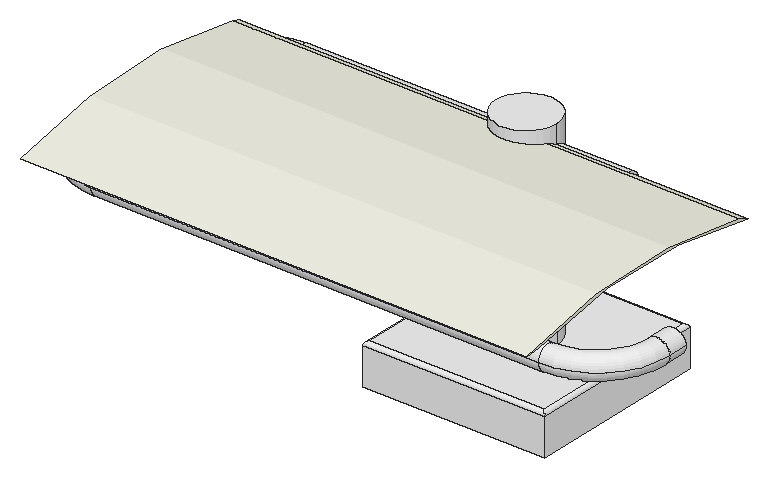
Revit family "Incepa_Acessorios_Neoclassic_Papeleira_B8003I2CR0", category Plumbing Fixtures, host Face, Revit 2014
Parameters (values of type "Papeleira Neoclassic")
  Waste Connection = no
  WFU = 0
  Vent Connection = no
  URL = "http://www.incepa.com.br"
  Type Comments = ""
  Selo de Qualidade ofcdesk = "Standard"
  Model = "B8003I2CR0"
  Metais [instance] = Celite - Cromado
  Manufacturer = "Incepa"
  Keynote = ""
  Incepa: Versão = "Autodesk Revit MEP 2014"
  Incepa: Tipo = "Papeleiras"
  Incepa: Produto = "Metais"
  Incepa: Norma [instance] = "ABNT NBR 10282: 2003"
  Incepa: Linha = "Neoclassic"
  Incepa: Informações Técnicas = "N/A"
  Incepa: Informações Gerais = "N/A"
  Incepa: Fabricante = "Incepa"
  Incepa: Descrição = "Papeleira (B8003I2CR0), linha Neoclassic, Acessórios - Metais Incepa"
  Incepa: Código = "B8003I2CR0"
  Incepa: Cores Disponíveis = "Cromado"
  Incepa: Copyright © = "© 2014 Incepa"
  Incepa: Categoria = "Acessórios"
  Incepa: Altura da Peça [instance] = 0 mm
  HWFU = 0
  HW Connection = no
  Desenvolvido por = "ofcdesk"
  Description = "Papeleira (B8003I2CR0), linha Neoclassic, Acessórios - Metais Incepa"
  Default Elevation = 1400 mm
  Cost = 0
  CWFU = 0
  CW Connection = no
  Assembly Code = "D2010"
  Acessórios [instance] = Polyvinyl Chloride, Rigid
Reference planes
  plane 1 "Center (Front/Back)": y = 0
  plane 2: z = 0
  plane 3 "Center (Left/Right)": x = 0
Forms (mm)
  Sweep 1, solid, material "Celite - Cromado" <- "Metais"
    path origin (0, 0, 0) x (1, 0, 0) y (0, 1, 0)
      loop
        line (22.5, 22.5) -> (-22.5, 22.5) -> (-22.5, -22.5) -> (22.5, -22.5) -> (22.5, 22.5)
    profile origin (0, 22.5, 0) x (0, -1, 0) y (0, 0, 1)
      loop
        line (0, 0) -> (17.5, 0) -> (17.5, 10) -> (1, 10)
        arc (1, 10) -> (0.293, 9.707) -> (0, 9) r 1
        line (0, 9) -> (0, 0)
  Extrusion 2, solid, material "Celite - Cromado" <- "Metais"
    sketch origin (0, 0, 0) x (1, 0, 0) y (0, 1, 0)
      loop
        line (5, 5) -> (-5, 5) -> (-5, -5) -> (5, -5) -> (5, 5)
    from 0 to 10
  Extrusion 3, solid, material "Celite - Cromado" <- "Metais"
    sketch origin (0, 0, 0) x (1, 0, 0) y (0, 1, 0)
      loop
        circle (0, 0) r 7.5
    from 10 to 59
  Sweep 4, solid, material "Celite - Cromado" <- "Metais"
    path origin (0, 0, 0) x (1, 0, 0) y (0, 1, 0)
      loop
        line (25.5, 0) -> (-55.5, 0)
        arc (-55.5, 0) -> (-66.107, -4.393) -> (-70.5, -15) r 15
        line (-70.5, -15) -> (-70.5, -47.5)
        arc (-70.5, -47.5) -> (-66.107, -58.107) -> (-55.5, -62.5) r 15
        line (-55.5, -62.5) -> (55.5, -62.5)
        arc (55.5, -62.5) -> (66.107, -58.107) -> (70.5, -47.5) r 15
        line (70.5, -47.5) -> (70.5, -42.5)
    profile origin (-15, 0, 0) x (0, -1, 0) y (0, 0, 1)
      loop
        circle (0, 51.5) r 3
  Extrusion 5, solid, material "Polyvinyl Chloride, Rigid" <- "Acessórios"
    sketch origin (0, 0, 0) x (0, 1, 0) y (0, 0, 1)
      loop
        arc (0, 54.5) -> (-1.361, 55.24) -> (-2.831, 55.731) r 8.88
        arc (-2.831, 55.731) -> (-35.827, 59.199) -> (-68.597, 54.009) r 127.094
        line (-68.597, 54.009) -> (-64.959, 54.511)
        arc (-64.959, 54.511) -> (-32.479, 58.743) -> (0, 54.5) r 126.594
    from -70.5 to 55
Cuts and joins
  joined: Sweep 1, Extrusion 2, Extrusion 3, Sweep 4
Dimensions and locks
  aligned and locked: plane 2 to host face
  aligned and locked: level to host face
